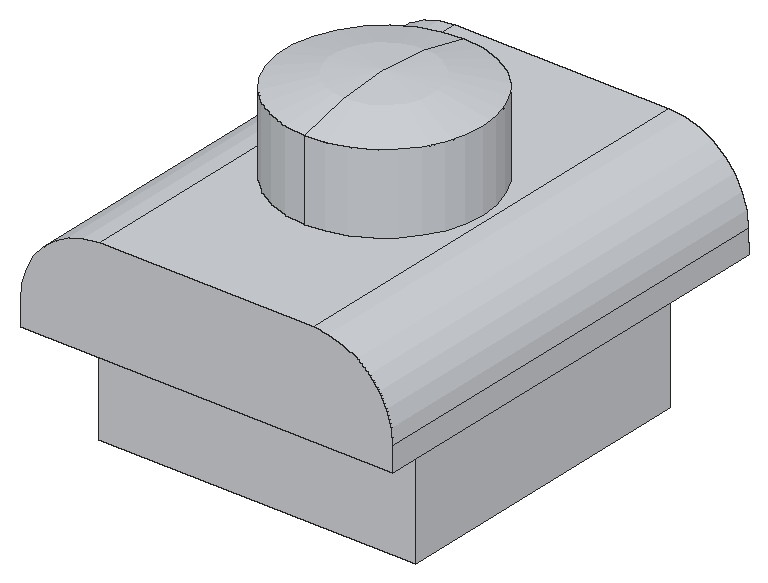
Revit family "06252c46af2348e5a70ee60a559475d2", category Fire Alarm Devices, host Face, Revit 2021
Family settings
  Host = Face
  Maintain Annotation Orientation = Yes
  Round Connector Dimension = Use Diameter
  Part Type = Normal
  OmniClass Number = 23.85.30.21.11.17
  OmniClass Title = Other Components
  Seek Item ID = Fire Alarm Horn Strobe - Wall Mounted-0000-USA-ENU
  Cut with Voids When Loaded = No
  Shared = No
  Room Calculation Point = No
Parameters (values of type "Standard")
  Horn Material = none
  Default Elevation = 4' - 0"
Reference planes (in)
  plane 1 "Center (Front/Back)": y = 0
  plane 2: z = 0
  plane 3 "Center (Left/Right)": x = 0
  plane 4: z = -1.5
  plane 5: z = 1.3
  plane 6: z = 2.5
  plane 7: x = 2.35
  plane 8: x = -2.35
  plane 9: y = 2.8
  plane 10: y = -2.8
Forms (in)
  Extrusion 1, solid, material <- "Horn Material"
    sketch origin (0, 0, 0) x (1, 0, 0) y (0, 1, 0)
      loop
        line (-2, 2) -> (-2, -2) -> (2, -2) -> (2, 2) -> (-2, 2)
    from 0 to -1.5
  Revolve 2, solid, material <- "Horn Material"
    sketch origin (0, 0, 0) x (0, 1, 0) y (0, 0, 1)
      loop
        arc (1.25, 2.29967) -> (0.63298, 2.4496) -> (0, 2.5) r 4
        line (0, 2.5) -> (0, 1.3) -> (1.25, 1.3) -> (1.25, 2.29967)
      axis (0, 2.5) -> (0, 1.3)
    angle from 0 to 360
  Extrusion 3, solid, material <- "Horn Material"
    sketch origin (0, 0, 0) x (1, 0, 0) y (0, 0, 1)
      loop
        line (-2.35, 0) -> (2.35, 0) -> (2.35, 0.3)
        arc (2.35, 0.3) -> (2.05711, 1.00711) -> (1.35, 1.3) r 1
        line (1.35, 1.3) -> (-1.35, 1.3)
        arc (-1.35, 1.3) -> (-2.05711, 1.00711) -> (-2.35, 0.3) r 1
        line (-2.35, 0.3) -> (-2.35, 0)
    from -2.8 to 2.8
Cuts and joins
  joined: Extrusion 1, Revolve 2, Extrusion 3
Lines and regions (in)
  symbolic lines, detail levels fine
    curve 1: line (1.35, 0, 1.3) -> (-1.35, 0, 1.3)
    curve 2: line (-2.35, 0, 0) -> (2.35, 0, 0)
    curve 3: line (-2, 0, 0) -> (-2, 0, -1.5)
    curve 4: line (-2, 0, -1.5) -> (2, 0, -1.5)
    curve 5: line (2, 0, -1.5) -> (2, 0, 0)
    curve 6: line (1.25, 0, 2.29967) -> (-1.25, 0, 2.29967)
    curve 7: line (-1.25, 0, 2.29967) -> (-1.25, 0, 1.3)
    curve 8: line (1.25, 0, 2.29967) -> (1.25, 0, 1.3)
    curve 9: arc (-1.25, 0, 2.29967) -> (0, 0, 2.5) -> (1.25, 0, 2.29967) r 4
    curve 10: arc (-1.35, 0, 1.3) -> (-2.05711, 0, 1.00711) -> (-2.35, 0, 0.3) r 1
    curve 11: line (-2.35, 0, 0.3) -> (-2.35, 0, 0)
    curve 12: arc (2.35, 0, 0.3) -> (2.05711, 0, 1.00711) -> (1.35, 0, 1.3) r 1
    curve 13: line (2.35, 0, 0) -> (2.35, 0, 0.3)
Dimensions and locks (in)
  locked: plane 2 to plane 4 at 1.5
  locked: plane 5 to plane 2 at 1.3
  locked: plane 6 to plane 2 at 2.5
  locked: plane 8 to plane 7 at 4.7
  equal spacing: plane 8, plane 3 "Center (Left/Right)", plane 7
  equal spacing: plane 10, plane 1 "Center (Front/Back)", plane 9
  locked: plane 10 to plane 9 at 5.6
  equal spacing: Extrusion 1 sketch curve, plane 3 "Center (Left/Right)", Extrusion 1 sketch curve
  locked: Extrusion 1 sketch curve to Extrusion 1 sketch curve at 4  (x2)
  equal spacing: Extrusion 1 sketch curve, plane 1 "Center (Front/Back)", Extrusion 1 sketch curve
  aligned and locked: plane 2 to host face
  aligned and locked: level to host face
  aligned and locked: Extrusion 1 to plane 4
  aligned and locked: plane 2 to Extrusion 1
  aligned and locked: plane 1 "Center (Front/Back)" to Revolve 2 sketch curve
  aligned and locked: Revolve 2 sketch curve to plane 5
  aligned and locked: plane 1 "Center (Front/Back)" to nested 1
  aligned and locked: plane 3 "Center (Left/Right)" to nested 1
  aligned and locked: Extrusion 3 sketch curve to plane 2
  aligned and locked: Extrusion 3 sketch curve to plane 8
  aligned and locked: plane 7 to Extrusion 3 sketch curve
  aligned and locked: Extrusion 3 sketch curve to plane 5
  aligned and locked: Extrusion 3 to plane 9
  aligned and locked: Extrusion 3 to plane 10
  aligned and locked: curve 10 to Extrusion 3
  aligned and locked: curve 12 to Extrusion 3
  aligned and locked: curve 13 to Extrusion 3
Automatic sketch dimensions
  host sketch curve to host sketch curve = 8' - 0"  (x2)
  Revolve 2 sketch curve to plane 1 "Center (Front/Back)" = 0' - 0"
  Revolve 2 sketch curve to plane 4 = 0' - 0"
  plane 6 to Revolve 2 sketch curve = 0' - 0"
  Revolve 2 sketch curve to Revolve 2 sketch curve = 0' - 1 1/4"
  plane 4 to Revolve 2 sketch curve = 0' - 0.55"
  Revolve 2 sketch curve to Revolve 2 sketch curve = 0' - 1.55"
  curve 9 to plane 3 "Center (Left/Right)" = 0' - 0"
  curve 9 to plane 4 = 0' - 0"
  plane 6 to curve 7 = 0' - 0.20033"
  curve 8 to curve 1 = 0' - 0.1"
  level to Extrusion 3 sketch curve = 0' - 0.3"
  Extrusion 3 sketch curve to plane 7 = 0' - 1"
  curve 4 to plane 4 = 0' - 0"
  curve 4 to plane 8 = 0' - 0.35"
  curve 4 to plane 7 = 0' - 0.35"
  curve 2 to level = 0' - 0"
  curve 1 to curve 6 = 0' - 0.1"
Nested families (in)
  nested 1: "Fire Alarm Horn Strobe Annotation 1" at (0, 0, 0), type "Fire Alarm Horn Strobe Annotation 1", detail levels coarse+medium
Connectors (in)
  electrical at (0, 2, -0.75)
    settings: on cut or joined group of Extrusion 1, Revolve 2, Extrusion 3, index 1, voltage 0 V, apparent load 0 VA, apparent load phase1 0 VA, apparent load phase2 0 VA, apparent load phase3 0 VA, power factor 1, load classification "Other", number of poles 1, system type 11, power factor state 1, is connector primary yes, connector utility no, sub classification motor no, connector description ""
Definition of nested family "Fire Alarm Horn Strobe Annotation 1"
  Parameters
    Label Annotation = "F"
  Reference planes (in)
    plane 1: y = 0
    plane 2: x = 0
  Lines and regions (in)
    reference lines
      curve 1: line (-0.125, 1.21278, 0) -> (-0.125, -0.18568, 0)
      curve 2: line (0, 1.42732, 0) -> (0, -0.18568, 0)
      curve 3: line (-0.26347, 0.125, 0) -> (0.40962, 0.125, 0)
      curve 8: line (0.125, 0.24779, 0) -> (0.125, -0.14868, 0)
      curve 9: line (-0.38863, 0.0625, 0) -> (0.82867, 0.0625, 0)
      curve 10: line (0.0625, 0.17159, 0) -> (0.0625, -0.10769, 0)
    detail lines
      curve 4: line (-0.125, 0.125, 0) -> (0, 0.125, 0)
      curve 5: line (-0.125, 0, 0) -> (-0.125, 0.125, 0)
      curve 6: line (0, 0, 0) -> (-0.125, 0, 0)
      curve 7: line (0, 0.125, 0) -> (0, 0, 0)
      curve 11: circle (0.0625, 0.0625, 0) r 0.0625 normal (0, 0, 1)
      curve 12: line (0, 0.125, 0) -> (0.01831, 0.10669, 0)
      curve 13: line (0.125, 0.125, 0) -> (0.10669, 0.10669, 0)
      curve 14: line (0, 0, 0) -> (0.01831, 0.01831, 0)
      curve 15: line (0.125, 0, 0) -> (0.10669, 0.01831, 0)
  Text (in)
    label "F" at (-0.104, 0.05984, 0), shows "Label Annotation"
  Dimensions and locks (in)
    locked: plane 1 to curve 3 at 0.125
    locked: curve 2 to curve 8 at 0.125
    locked: curve 1 to curve 2 at 0.125
    locked: curve 2 to plane 2
    locked: plane 1 to curve 9 at 0.0625
    locked: curve 2 to curve 10 at 0.0625
    aligned and locked: curve 3 to curve 4
    aligned and locked: curve 2 to curve 7
    aligned and locked: curve 6 to plane 1
    aligned and locked: curve 5 to curve 1
    aligned and locked: curve 9 to curve 11
    aligned and locked: curve 10 to curve 11
